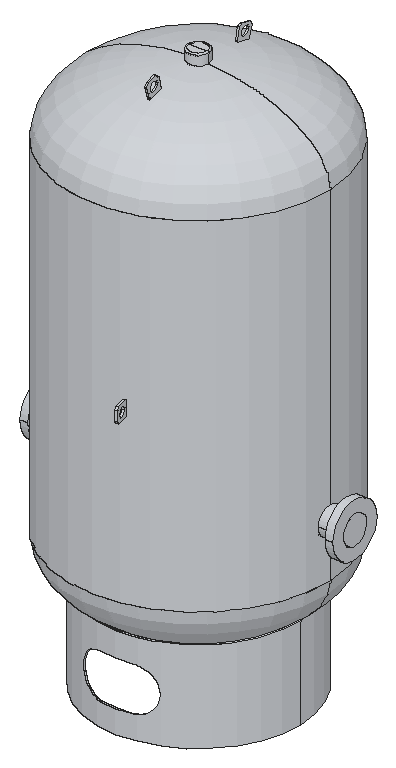
Revit family "CWBT850-6-125", category Mechanical Equipment, Revit 2014
Parameters (values of type "CWBT850-6-125")
  Tank Weight = "2707 lbs"
  Tank Volume = "850 Gal"
  Tank Height = "114 7/16\""
  Tank Diameter = "54\""
  Note = "All dimensions and weights are approximate"
  Maximum Acceptance Volume = "N/A"
  Max Operating Temp = "450° F"
  Max Operating Pressure = "125 psi"
  Connector Size = "6\""
Reference planes (in)
  plane 1 "Center (Front/Back)": y = 0
  plane 2: z = 0
  plane 3 "Center (Left/Right)": x = 0
Forms (in)
  Extrusion 1, solid
    sketch origin (0, 0, 0) x (0, 1, 0) y (0, 0, 1)
      loop
        circle (0, 39.5) r 2.928
    from 0 to 32
  Extrusion 2, solid
    sketch origin (0, 0, 0) x (0, 1, 0) y (0, 0, 1)
      loop
        circle (0, 39.5) r 2.928
    from 0 to -32
  Extrusion 3, solid
    sketch origin (0, 0, 0) x (0, 1, 0) y (0, 0, 1)
      loop
        circle (0, 39.5) r 5.5
    from -30.4375 to -32
  Extrusion 4, solid
    sketch origin (0, 0, 0) x (0, 1, 0) y (0, 0, 1)
      loop
        circle (0, 39.5) r 5.5
    from 30.4375 to 32
  Extrusion 5, solid
    sketch origin (0, 0, 0) x (1, 0, 0) y (0, 1, 0)
      loop
        circle (0, 0) r 21
      loop
        circle (0, 0) r 20.75
    from 0 to 19
  Extrusion 6, void
    sketch origin (0, 0, 0) x (1, 0, 0) y (0, 0, 1)
      loop
        arc (-3.25, 14) -> (-7.875, 9.375) -> (-3.25, 4.75) r 4.625
        line (-3.25, 4.75) -> (3.25, 4.75)
        arc (3.25, 4.75) -> (7.875, 9.375) -> (3.25, 14) r 4.625
        line (3.25, 14) -> (-3.25, 14)
    from 0 to 22
  Revolve 7, solid
    sketch origin (0, 0, 0) x (1, 0, 0) y (0, 0, 1)
      loop
        line (0, 116.58259) -> (0, 11.83259) -> (1.875, 11.83259)
        arc (1.875, 11.83259) -> (2.05178, 11.90581) -> (2.125, 12.08259) r 0.25
        line (2.125, 12.08259) -> (2.125, 13.98057)
        spline (2.125, 13.98057) -> (5.44659, 14.23297) -> (8.68409, 14.70402) -> (11.78752, 15.38645) -> (14.70896, 16.26973) -> (17.4033, 17.3402) -> (19.82896, 18.58136) -> (21.94847, 19.97403) -> (23.72912, 21.49671) -> (25.14341, 23.1259) -> (26.16951, 24.83644) -> (26.79157, 26.60192) -> (27, 28.39509)
        line (27, 28.39509) -> (27, 100.02009)
        spline (27, 100.02009) -> (26.79157, 101.81325) -> (26.16951, 103.57873) -> (25.14341, 105.28927) -> (23.72912, 106.91846) -> (21.94847, 108.44114) -> (19.82896, 109.83381) -> (17.4033, 111.07497) -> (14.70896, 112.14545) -> (11.78752, 113.02872) -> (8.68409, 113.71115) -> (5.44659, 114.1822) -> (2.125, 114.4346)
        line (2.125, 114.4346) -> (2.125, 116.33259)
        arc (2.125, 116.33259) -> (2.05178, 116.50936) -> (1.875, 116.58259) r 0.25
        line (1.875, 116.58259) -> (0, 116.58259)
      axis (0, 116.58259) -> (0, 11.83259)
    angle from 0 to 360
  Extrusion 8, solid
    sketch origin (2.70841, -11.72192, 28.84944) x (-0.217304, 0.976104, 0) y (0, 0, 1)
      loop
        line (-14.96995, 36.86103) -> (-17.46995, 36.86103) -> (-17.96995, 36.36103) -> (-17.96995, 34.36103) -> (-17.46995, 33.86103) -> (-14.96995, 33.86103) -> (-14.96995, 36.86103)
      loop
        circle (-16.39156, 35.36103) r 1
    from -0.2511 to 0.23955
  Extrusion 9, solid
    sketch origin (0, 0, 0) x (0, 1, 0) y (0, 0, 1)
      loop
        line (-9.83439, 113.50525) -> (-10.4392, 115.93099) -> (-11.04531, 116.29518) -> (-12.9859, 115.81134) -> (-13.35009, 115.20523) -> (-12.75216, 112.80708) -> (-12.66675, 112.4645) -> (-9.74898, 113.16268) -> (-9.83439, 113.50525)
      loop
        circle (-11.6682, 114.60142) r 1.00233
      loop
        line (12.74986, 112.80763) -> (12.69168, 112.5645) -> (9.77391, 113.26268) -> (9.83439, 113.50525) -> (10.4392, 115.93099) -> (11.04531, 116.29518) -> (12.9859, 115.81134) -> (13.35009, 115.20523) -> (12.75216, 112.80708)
      loop
        circle (11.65444, 114.60471) r 0.9939
    from -0.1875 to 0.1875
Cuts and joins
  Extrusion 6 cuts Extrusion 5
Dimensions and locks (in)
  Extrusion 8 sketch curve to Extrusion 8 sketch curve = 1 1/2"  (x2)
  aligned and locked: level to plane 2
